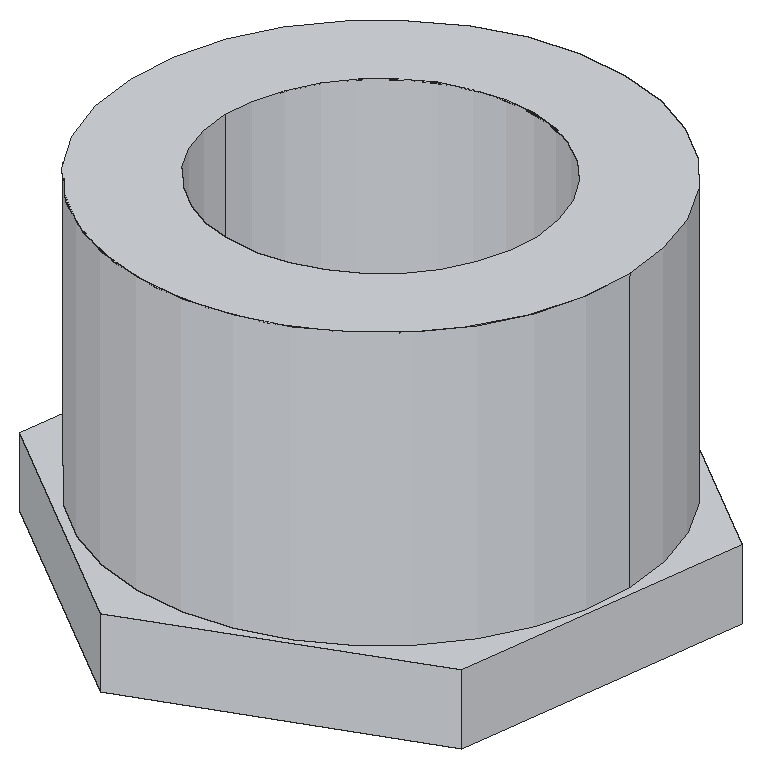
Revit family "HR3B", category Generic Models, Revit 2017
Family settings
  Can host rebar = No
  Round Connector Dimension = Use Diameter
  Part Type = Normal
  Work Plane-Based = Yes
  Always vertical = No
  Cut with Voids When Loaded = No
  Shared = No
  Room Calculation Point = No
Parameters (values of type "NBS Standard Parameters")
  Weight = "0.092Kg"
  WarrantyStartDate [instance] = "1900-12-31T23:59:59"
  WarrantyGuarantorParts = "n/a"
  WarrantyGuarantorLabor = "n/a"
  WarrantyDurationUnit = "1 year"
  WarrantyDurationParts = "n/a"
  WarrantyDurationLabor = "n/a"
  WarrantyDescription = "n/a"
  Version = "1"
  Uniclass2 = "Pr_65_70_11_20"
  TagNumber [instance] = "n/a"
  SustainabilityPerformance = "n/a"
  Size = "32mm"
  Shape = "Circular"
  SerialNumber [instance] = "n/a"
  Revision = "n/a"
  ReplacementCost = "n/a"
  ProductInformation = "www.metpro.co.uk/pdf/hr3g.pdf"
  NominalWidth = 32.8 mm
  NominalLength = 32.8 mm
  NominalHeight = 22.5 mm
  Name = ""
  NBSTypeID = ""
  NBSReference = "90-55-10/460"
  NBSOfficeMasterTag = ""
  NBSNote = ""
  NBSDescription = "Conduit Fittings"
  NBSCertification = ""
  ModelReference = "HR3B"
  ModelNumber = "n/a"
  Material = "Mild Steel"
  ManufacturerURL = "www.metpro.co.uk"
  ManufacturerName = "Metpro Ltd"
  Keynote = "Compliant to LU Standard 1-085"
  InstallationDate [instance] = "1900-12-31T23:59:59"
  IfcExportType = ""
  IfcExportAs = ""
  Grade = "n/a"
  Finish = "Black"
  Features = "n/a"
  ExpectedLife = "n/a"
  DurationUnit = "year"
  Description = "HR3B  32 - 20mm Conduit Reducer"
  Default Elevation = 1219.2 mm
  Constituents = "n/a"
  Color = "n/a"
  CodePerformance = "n/a"
  Category = "n/a"
  BarCode [instance] = "n/a"
  BIMObjectName = "Metpro_Metprolibrary_Conduitfittings_Metalcomponents_Steelaccessories"
  Author = "Metpro Limited"
  AssetType = ""
  AssetIdentifier [instance] = "n/a"
  AccessibilityPerformance = "n/a"
Reference planes
  plane 1 "Center (Front/Back)": y = 0
  plane 2: z = 0
  plane 3 "Center (Left/Right)": x = 0
Forms (mm)
  Extrusion 1, solid
    sketch origin (-11.449, -7.188, 21.419) x (0, -1, 0) y (1, 0, 0)
      loop
        circle (-3.24, 0.039) r 10
      loop
        line (8.69, 14.772) -> (-10.034, 17.737) -> (-21.964, 3.005) -> (-15.17, -14.693) -> (3.553, -17.658) -> (15.483, -2.926) -> (8.69, 14.772)
    from 0 to 4.5
  Extrusion 2, solid
    sketch origin (-11.449, -7.188, 21.419) x (0, -1, 0) y (1, 0, 0)
      loop
        circle (-3.24, 0.039) r 10
      loop
        circle (-3.24, 0.039) r 16
    from 2.641 to 22.47
Dimensions and locks
  aligned and locked: level to plane 2
